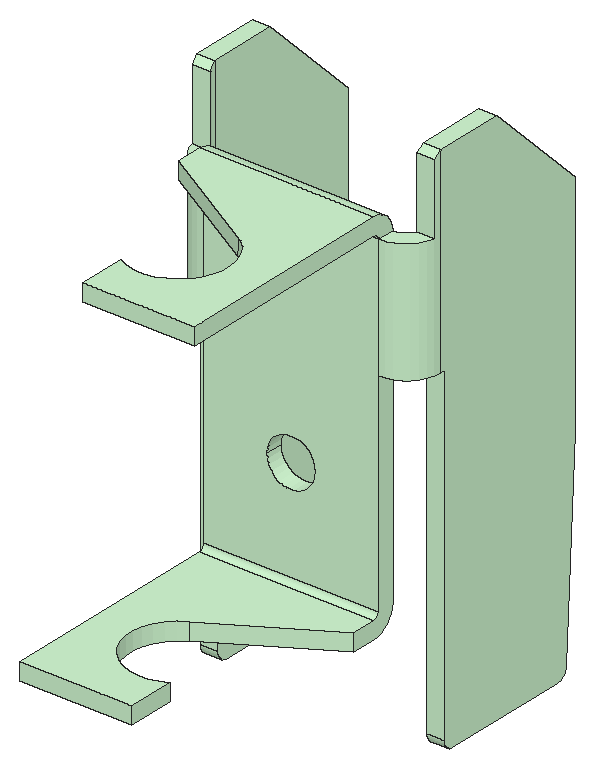
Revit family "channelcap_as25", category 機械設備, Revit 2022
Family settings
  丸型コネクタ寸法 = 直径を使用
  種別 = なし
  パーツ タイプ = 標準
  作業面ベース = いいえ
  常に垂直 = はい
  ロード時にボイドで切り取り = いいえ
  注釈の向きを維持 = いいえ
  共有 = いいえ
  部屋計算ポイント = いいえ
Parameters
  製造元 = "株式会社桐井製作所"
  既定の高さ = 0 mm
  URL = "https://www.kirii.co.jp/"
  K_品名 = "チャンネルキャップ(AS-25用)"
  K_名称 = "チャンネルキャップ"
  K_バージョン情報 = "20211216"
Reference planes
  plane 1 "中心(正面/背面)": y = 0
  plane 2: z = 0
  plane 3 "中心(左/右)": x = 0
Forms (mm)
  Extrusion 1, solid
    sketch origin (0, 0, 0) x (1, 0, 0) y (0, 1, 0)
      loop
        arc (8.05, -1.6) -> (10.313, -0.663) -> (11.25, 1.6) r 3.2
        line (11.25, 1.6) -> (11.25, 17) -> (9.65, 17) -> (9.65, 1.6)
        arc (9.65, 1.6) -> (9.181, 0.469) -> (8.05, 0) r 1.6
        line (8.05, 0) -> (-8.05, 0)
        arc (-8.05, 0) -> (-9.181, 0.469) -> (-9.65, 1.6) r 1.6
        line (-9.65, 1.6) -> (-9.65, 17) -> (-11.25, 17) -> (-11.25, 1.6)
        arc (-11.25, 1.6) -> (-10.313, -0.663) -> (-8.05, -1.6) r 3.2
        line (-8.05, -1.6) -> (8.05, -1.6)
    from 0 to 50
  Extrusion 2, void
    sketch origin (0, 0, 0) x (0, 1, 0) y (0, 0, 1)
      loop
        line (8, 50) -> (17, 41) -> (17, 50) -> (8, 50)
      loop
        line (17, 19.98) -> (16.029, 0.949)
        arc (16.029, 0.949) -> (15.719, 0.275) -> (15.03, 0) r 1
        line (15.03, 0) -> (17, 0) -> (17, 19.98)
    from 9.65 to 11.25
  Extrusion 3, void
    sketch origin (-20.9, 0, 0) x (0, 1, 0) y (0, 0, 1)
      loop
        line (8, 50) -> (17, 41) -> (17, 50) -> (8, 50)
      loop
        line (17, 19.98) -> (16.029, 0.949)
        arc (16.029, 0.949) -> (15.719, 0.275) -> (15.03, 0) r 1
        line (15.03, 0) -> (17, 0) -> (17, 19.98)
    from 9.65 to 11.25
  Extrusion 4, void
    sketch origin (0, 0, 0) x (0, 1, 0) y (0, 0, 1)
      loop
        line (1, 42.9) -> (1, 49.4) -> (1.6, 50) -> (-1.6, 50) -> (-1.6, 42.9) -> (1, 42.9)
      loop
        line (2, 31.6) -> (-1.6, 31.6) -> (-1.6, 0) -> (3, 0)
        arc (3, 0) -> (2.293, 0.293) -> (2, 1) r 1
        line (2, 1) -> (2, 31.6)
    from -11.818 to 11.975
  Extrusion 5, solid
    sketch origin (0, 0, 0) x (0, 1, 0) y (0, 0, 1)
      loop
        line (-2.1, 45) -> (-22.8, 45) -> (-22.8, 43.4) -> (-2.1, 43.4)
        arc (-2.1, 43.4) -> (-1.746, 43.254) -> (-1.6, 42.9) r 0.5
        line (-1.6, 42.9) -> (-1.6, 12.1)
        arc (-1.6, 12.1) -> (-1.746, 11.746) -> (-2.1, 11.6) r 0.5
        line (-2.1, 11.6) -> (-22.8, 11.6) -> (-22.8, 10) -> (-2.1, 10)
        arc (-2.1, 10) -> (-0.615, 10.615) -> (0, 12.1) r 2.1
        line (0, 12.1) -> (0, 31.6) -> (0, 42.9)
        arc (0, 42.9) -> (-0.615, 44.385) -> (-2.1, 45) r 2.1
    from -8.05 to 8.05
  Extrusion 6, void
    sketch origin (0, 0, 0) x (1, 0, 0) y (0, 0, 1)
      loop
        circle (0, 21.6) r 2.25
    from 0 to 1.6
  Extrusion 7, void
    sketch origin (0, 0, 0) x (1, 0, 0) y (0, 1, 0)
      loop
        line (2.275, -10.56) -> (-8.05, -4.454) -> (-8.05, -22.8) -> (-2.275, -22.8) -> (-2.275, -18.44)
        arc (-2.275, -18.44) -> (3.94, -16.775) -> (2.275, -10.56) r 4.55
    from 43.4 to 45
  Extrusion 8, void
    sketch origin (0, 0, 0) x (-1, 0, 0) y (0, -1, 0)
      loop
        arc (2.275, 10.56) -> (3.94, 16.775) -> (-2.275, 18.44) r 4.55
        line (-2.275, 18.44) -> (-2.275, 22.8) -> (-8.05, 22.8) -> (-8.05, 4.454) -> (2.275, 10.56)
    from 10 to 11.6
Cuts and joins
  Extrusion 2, Extrusion 3, Extrusion 4, Extrusion 6, Extrusion 7, Extrusion 8 cuts Extrusion 1
  Extrusion 6, Extrusion 7, Extrusion 8 cuts Extrusion 5
  joined: Extrusion 1, Extrusion 5
Dimensions and locks
  aligned and locked: level to plane 2
